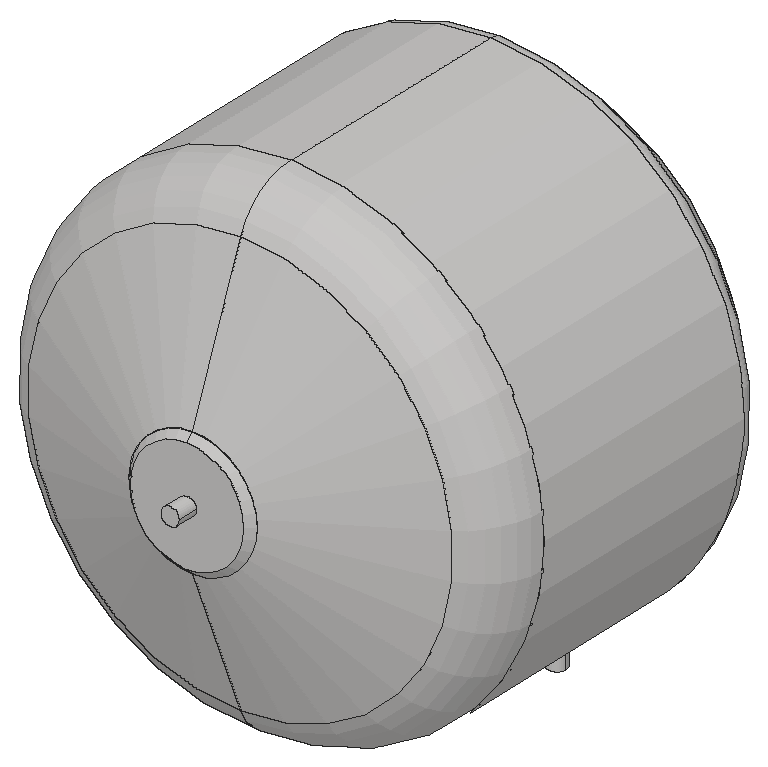
Revit family
Parameters (values of type "360 X 360 X 331")
  Heating Time (min) = "45"
  Heater Width = 360 mm
  Width = 381 mm
  URL = "http://www.kwikot.com/Products/Point%20of%20Use%20Water%20Heaters/Prisma%20Deluxe.php"
  Product Code = "PRX-15-LT"
  Operating Pressure = 700 kPa
  OmniClass Title = ""
  OmniClass Number = ""
  Modspec Classification = ""
  Specification = ""
  Material = Galvanised Steel
  Mass (Kg) = "7.8"
  Location (revit room) = ""
  Model = "Prisma Storage Water Heater PRX-15-LT"
  Manufacturer = "Kwikot"  # constant formula
  Length = 360 mm
  Element Rating = 1.2 kW
  Pipe Radius = Pipe Diameter / 2  # 6.35 mm
  Depth = 331.1 mm
  Pipe Diameter = 12.7 mm
  Colour = none
  Capacity (Litres) = 15.00 L
  Body Finish = none
  Assembly Code = "D3010500"
Reference planes
  plane 1 "Center (Front/Back)": y = 0
  plane 2 "Bottom": z = 0
  plane 3 "Center (Left/Right)": x = 0
  plane 4: z = 180
  plane 5: z = -180
  plane 6: z = -201
  plane 7: x = -180
  plane 8: x = 180
  plane 9: y = 331.1
  plane 10: y = 281.1
Forms (mm)
  Revolve 1, solid, material "Galvanised Steel" <- "Material"
    sketch origin (0, 0, 0) x (0, 1, 0) y (0, 0, 1)
      loop
        line (331.1, 0) -> (331.1, 135.858)
        arc (331.1, 135.858) -> (330.339, 139.685) -> (328.171, 142.929) r 10
        line (328.171, 142.929) -> (295.493, 175.607)
        arc (295.493, 175.607) -> (290.627, 178.858) -> (284.887, 180) r 15
        line (284.887, 180) -> (107.653, 180)
        arc (107.653, 180) -> (80.788, 172.17) -> (62.338, 151.131) r 50
        line (62.338, 151.131) -> (20, 45.337) -> (20, 0) -> (331.1, 0)
      axis (20, 0) -> (331.1, 0)
    angle from 0 to 360
  Blend 2, solid, material "Galvanised Steel" <- "Material"
    base sketch origin (0, 0, 0) x (1, 0, 0) y (0, 0, 1)
      loop
        circle (0, 0) r 45.337
    top sketch origin (0, 0, 0) x (1, 0, 0) y (0, 0, 1)
      loop
        circle (0, 0) r 40.337
    from -20 to -15
  Extrusion 3, solid, material "Galvanised Steel" <- "Material"
    sketch origin (-583.163, -1524, -180) x (-1, 0, 0) y (0, -1, 0)
      loop
        circle (-533.163, -1805.1) r 6.4
      loop
        circle (-633.163, -1805.1) r 6.4
    from 15 to -21
  Extrusion 4, solid, material "Galvanised Steel" <- "Material"
    sketch origin (0, 0, 0) x (1, 0, 0) y (0, 0, 1)
      loop
        circle (0, 0) r 6.35
    from 0 to -15
Cuts and joins
  joined: Revolve 1, Extrusion 3
Lines and regions (mm)
  symbolic lines
    curve 1: line (45.337, 20, 0) -> (-45.337, 20, 0)
    curve 2: line (-40.337, 15, 0) -> (40.337, 15, 0)
    curve 3: line (-6.35, 0, 0) -> (6.35, 0, 0)
    curve 4: line (-40.337, 15, 0) -> (-45.337, 20, 0)
    curve 5: line (40.337, 15, 0) -> (45.337, 20, 0)
    curve 6: line (6.35, 0, 0) -> (6.35, 15, 0)
    curve 7: line (-6.35, 0, 0) -> (-6.35, 15, 0)
    curve 8: line (-180, 107.964, 0) -> (-180, 284.887, 0)
    curve 9: line (180, 107.964, 0) -> (180, 284.839, 0)
    curve 10: line (-45.337, 20, 0) -> (-146.858, 60.319, 0)
    curve 11: arc (-146.858, 60.319, 0) -> (-170.9, 78.945, 0) -> (-180, 107.964, 0) r 50.819
    curve 12: line (45.337, 20, 0) -> (146.858, 60.319, 0)
    curve 13: arc (146.858, 60.319, 0) -> (170.9, 78.945, 0) -> (180, 107.964, 0) r 50.819
    curve 14: line (-135.858, 331.1, 0) -> (135.81, 331.1, 0)
    curve 15: line (-142.929, 328.171, 0) -> (-175.607, 295.493, 0)
    curve 16: arc (-180, 284.887, 0) -> (-178.858, 290.627, 0) -> (-175.607, 295.493, 0) r 15
    curve 17: arc (-142.929, 328.171, 0) -> (-139.685, 330.339, 0) -> (-135.858, 331.1, 0) r 10
    curve 18: line (142.881, 328.171, 0) -> (175.607, 295.446, 0)
    curve 19: arc (135.81, 331.1, 0) -> (139.637, 330.339, 0) -> (142.881, 328.171, 0) r 10
    curve 20: arc (175.607, 295.446, 0) -> (178.858, 290.579, 0) -> (180, 284.839, 0) r 15
Dimensions and locks
  "Heater Width": plane 4 to plane 5
  "Width": plane 4 to plane 6
  "Length": plane 7 to plane 8
  equal spacing: plane 7, plane 3 "Center (Left/Right)", plane 8
  equal spacing: plane 4, level, plane 5
  Revolve 1 sketch curve to plane 1 "Center (Front/Back)" = 20 mm
  "Depth": plane 9 to plane 1 "Center (Front/Back)"
  Extrusion 3 sketch curve to plane 3 "Center (Left/Right)" = 50 mm
  plane 3 "Center (Left/Right)" to Extrusion 3 sketch curve = 50 mm
  plane 10 to plane 9 = 50 mm
  "Pipe Radius": radius of Extrusion 4 sketch curve
  aligned and locked: plane 2 "Bottom" to level
  aligned and locked: plane 2 "Bottom" to Revolve 1 sketch curve
  aligned and locked: Revolve 1 sketch curve to plane 4
  aligned and locked: plane 9 to Revolve 1 sketch curve
  aligned and locked: Revolve 1 sketch curve to plane 2 "Bottom"
  aligned and locked: Blend 2 sketch curve to Revolve 1  (x2)
  aligned and locked: Blend 2 to Revolve 1
  aligned and locked: plane 10 to Extrusion 3 sketch curve  (x2)
  aligned and locked: Extrusion 3 to plane 6
  aligned and locked: plane 3 "Center (Left/Right)" to Extrusion 4 sketch curve
  aligned and locked: plane 2 "Bottom" to Extrusion 4 sketch curve
  aligned and locked: plane 1 "Center (Front/Back)" to Extrusion 4
  aligned and locked: Extrusion 4 to Blend 2
  aligned and locked: curve 1 to Blend 2
  aligned and locked: curve 2 to Blend 2
  aligned and locked: curve 3 to Extrusion 4
  aligned and locked: plane 9 to curve 14
Automatic sketch dimensions
  plane 9 to Revolve 1 sketch curve = 2.929 mm
  Revolve 1 sketch curve to Revolve 1 sketch curve = 10 mm
  Revolve 1 sketch curve to plane 4 = 4.393 mm
  plane 9 to Revolve 1 sketch curve = 35.607 mm
  Revolve 1 sketch curve to Revolve 1 sketch curve = 10.607 mm
  Revolve 1 sketch curve to plane 1 "Center (Front/Back)" = 107.653 mm
  Revolve 1 sketch curve to plane 4 = 28.869 mm
  Revolve 1 sketch curve to Revolve 1 sketch curve = 45.315 mm
  plane 1 "Center (Front/Back)" to Revolve 1 sketch curve = 80 mm
  Revolve 1 sketch curve to Revolve 1 sketch curve = 86.5 mm
  level to Revolve 1 sketch curve = 45.337 mm
  Revolve 1 sketch curve to plane 4 = 44.142 mm
  Blend 2 sketch curve to Blend 2 sketch curve = 0 mm  (x2)
  Blend 2 sketch curve to plane 3 "Center (Left/Right)" = 0 mm
  Blend 2 sketch curve to level = 0 mm
  Blend 2 sketch curve to level = 40.337 mm
  curve 8 to plane 7 = 0 mm
  plane 1 "Center (Front/Back)" to curve 7 = 0 mm
  curve 13 to plane 8 = 0 mm
  curve 15 to plane 7 = 4.393 mm
  curve 16 to plane 7 = 15 mm
  curve 10 to plane 7 = 33.142 mm
  plane 9 to curve 15 = 2.929 mm
  curve 15 to plane 7 = 37.071 mm
  curve 15 to curve 17 = 7.071 mm
  curve 11 to plane 7 = 50.819 mm
  curve 1 to plane 3 "Center (Left/Right)" = 45.337 mm
  curve 4 to plane 1 "Center (Front/Back)" = 15 mm
  curve 1 to curve 4 = 5 mm
  curve 7 to plane 3 "Center (Left/Right)" = 6.35 mm
  plane 3 "Center (Left/Right)" to curve 3 = 6.35 mm
  curve 6 to curve 5 = 33.987 mm
  curve 2 to curve 5 = 5 mm
  curve 13 to curve 9 = 50.819 mm
  plane 8 to curve 19 = 44.19 mm
  plane 9 to curve 19 = 2.929 mm
  curve 14 to curve 19 = 7.071 mm
  plane 8 to curve 12 = 33.142 mm
  curve 20 to curve 9 = 15 mm
  plane 8 to curve 18 = 4.393 mm
  curve 13 to plane 1 "Center (Front/Back)" = 60.319 mm
  curve 11 to plane 1 "Center (Front/Back)" = 60.319 mm
  plane 9 to curve 9 = 46.261 mm
  plane 9 to curve 8 = 46.213 mm
  radius of Extrusion 3 sketch curve = 6.4 mm  (x2)
